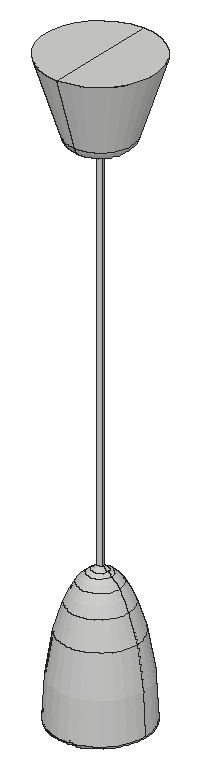
Revit family "Lighting_Pendants_Nordlux_Nexus_2.0_Small", category Lighting Fixtures, host Ceiling, Revit 2017
Family settings
  Host = Ceiling
  Round Connector Dimension = Use Diameter
  Part Type = Normal
  OmniClass Number = 23.80.70.11
  OmniClass Title = Luminaries for Internal Lighting
  Always vertical = Yes
  Cut with Voids When Loaded = No
  Light Source = Yes
  Shared = No
  Room Calculation Point = No
Parameters (values of type "Nexus 2.0 Pendant Small - white")
  Wattage = 1.34642 W
  WarrantyStartDate [instance] = "n/a"
  WarrantyGuarantorParts = "n/a"
  WarrantyGuarantorLabor = "n/a"
  WarrantyDurationUnit = "Hours"
  WarrantyDurationParts = "n/a"
  WarrantyDurationLabor = "n/a"
  WarrantyDescription = "n/a"
  built-in parameter 1150110 = 1 (stored number, unit not read)
  VersionDate = "01/07/2020"  # constant formula
  Version = "2"  # constant formula
  UsageCurrent = 0 A
  Uniclass2015Reference = "Pr_70_70_48_62"
  Uniclass2015Description = "Pendant  luminaires"
  Uniclass2 = "Pr_70_70_49_86"
  URL = "https://www.nordlux.com/products/product/2020563001"
  TotalWattage = 6 W
  built-in parameter 1114217 = 1 (stored number, unit not read)
  Tilt Angle = 90.00°
  built-in parameter 1150109 = 1 (stored number, unit not read)
  built-in parameter 1150134 = (empty or 0)
  TagNumber [instance] = "n/a"
  SustainabilityPerformance = "n/a"
  built-in parameter 1150113 = 1 (stored number, unit not read)
  Socket = "GU10"
  Size = "Shade: 100x100x150 mm / Canopy: 120x120x90 mm"
  Shape = "Sculptured"
  SerialNumber [instance] = "n/a"
  Revision = "1"  # constant formula
  ReplacementCost = "n/a"
  ProductInformation = "n/a"
  ProductDatasheet = "http://pim.skypim.com/show?objectid=327132811&template=ORG"
  Product data url = "https://www.bimobject.com/nordlux/product/nexus_10_gu10_pendant"
  Photometric Web File = "7725 Nexus 10 Pendel.ies"
  PhaseReference = "n/a"
  PhaseAngle = 0.00°
  NumberOfSources = 0
  NumberOfPoles = 1
  NominalWidth = NominalDiameter  # 120 mm
  NominalVoltageCalc = 0 V
  NominalVoltage = 230 V
  NominalRadius = NominalDiameter / 2  # 60 mm
  NominalLength = NominalDiameter  # 120 mm
  NominalHeight [instance] = CableLengthControl + 153 mm  # 653 mm
  NominalFrequencyRange = 50 Hz
  NominalDiameter = 120 mm
  NominalCurrent = 0 A
  Name = "Nordlux_Nexus_2.0_Small"  # constant formula
  NBSReference = "90-60-50/405"
  NBSDescription = "General purpose luminaires"
  ModelReference = ArticleNumber  # "2020563001"
  ModelNumber = "n/a"
  Model = "Nexus 2.0 Pendant Small - white"
  Material = "Metal, plastic & textile"
  ManufacturersSpecificInformation = "n/a"
  ManufacturerURL = "https://www.nordlux.com/"
  ManufacturerName = "Nordlux"
  Manufacturer = "Nordlux"
  MaintenanceFactor = 0
  Lumens = 200 lm
  built-in parameter 1150115 = 1 (stored number, unit not read)
  built-in parameter 1150105 = 303.49 (stored number, unit not read)
  LightSource = "Incl. 3W LED SMD"
  LightFixtureSecondaryMaterial = White cable
  LightFixturePlacingType = "Ceilling"
  LightFixtureMountingType = "Suspended"
  LightFixtureMainMaterial = White
  built-in parameter 1150137 = (empty or 0)
  built-in parameter 1150139 = (empty or 0)
  LensMaterial = Glass
  built-in parameter 1150112 = 1 (stored number, unit not read)
  built-in parameter 1150114 = 1 (stored number, unit not read)
  InsulationStandardClass = "Class 2 (Double isolated)"
  InstallationDate [instance] = "n/a"
  built-in parameter 1150132 = 2
  built-in parameter 1150102 = (empty or 0)
  built-in parameter 1150138 = (empty or 0)
  built-in parameter 1150107 = 2700 (stored number, unit not read)
  built-in parameter 1150106 = 3.0349 (stored number, unit not read)
  IfcExportType = "NOTDEFINED"  # constant formula
  IfcExportAs = "IfcLightFixtureType"  # constant formula
  IP_Code = "IP20"
  HasProtectiveEarth = no
  Grade = "n/a"
  Finish = "Satin soft, matt surface. Primary material metal, secondary material plastic, textile cable"
  Features = "Textile cable 250cm. Cable can not be replaced."
  ExpectedLife = "25000"
  EnergyClass = "A++ - A"
  Emit from Circle Diameter = 50 mm
  Emit Shape Visible in Rendering = no
  ElectricalDeviceNominalPower = 0
  built-in parameter 1150104 = 13.8 (stored number, unit not read)
  EANNumber = "5704924002328"
  DurationUnit = "Hours"
  Dimming Lamp Color Temperature Shift = <None>
  Dimmer = "Dimmable"
  Designer = "Bonnelycke MDD"
  Description = "NEXUS is an exciting series that epitomises Nordic cool. The details tell the story of an elegantly designed light, for example, the pendant’s invisible transition between shade and cord."
  DefaultElevation = 0 mm
  ConvergoRefNr = "0143-1909-0009-DK"
  Constituents = "n/a"
  ColourIndexRA = "80"
  Color Filter = 16777215
  Color = "White RAL7047"
  Collection = "Nexus 2.0"
  CodePerformance = "n/a"
  Category = "Indoor lighting"
  CableLengthControl [instance] = if(CableLength < 250 mm, 250 mm, if(CableLength > 2500 mm, 2500 mm, CableLength))  # 500 mm
  CableLength [instance] = 500 mm
  Brand = "Nordlux"
  Barcode [instance] = "n/a"
  built-in parameter 1114218 = 1 (stored number, unit not read)
  BIMObjectName = "Lighting_Pendants_Nordlux_Nexus_2.0_Small"  # constant formula
  Author = "Convergo AB"  # constant formula
  built-in parameter 1150133 = 10 (stored number, unit not read)
  AssetType = "Fixed"
  AssetIdentifier [instance] = "n/a"
  ArticleNumber = "2020563001"
  AccessibilityPerformance = "n/a"
Types (2, lengths in mm): name | URL | ModelReference | Model | LightFixtureSecondaryMaterial | LightFixtureMainMaterial | EANNumber | Color | ArticleNumber
  Nexus 2.0 Pendant Small - white | "https://www.nordlux.com/products/product/2020563001" | "2020563001" | "Nexus 2.0 Pendant Small - white" | White cable | White | "5704924002328" | "White RAL7047" | "2020563001"
  Nexus 2.0 Pendant Small - black | "https://www.nordlux.com/products/product/2020563003" | "2020563003" | "Nexus 2.0 Pendant Small - black" | Black cable | Black | "5704924002335" | "Black RAL9005" | "2020563003"
Reference planes
  plane 1 "Light Source Axis (F/B)": y = 0
  plane 2: z = 0
  plane 3 "Light Source Axis (L/R)": x = 0
  plane 4 "Ceiling": z = 4000
  plane 5 "Light Source Elevation": z = 3357
  plane 6: x = -60
  plane 7: y = 60
  plane 8: x = 60
  plane 9: y = -60
  plane 10: z = 3500
  plane 11: z = 3347
Forms (mm)
  Extrusion 1, solid, material "White" <- "LightFixtureMainMaterial", detail levels coarse
    sketch origin (0, 6000, 3224.2) x (0, 1, 0) y (1, 0, 0)
      loop
        line (-5940, -60) -> (-5940, 60) -> (-6060, 60) -> (-6060, -60) -> (-5940, -60)
    from -122.8 to -775.8
Lines and regions (mm)
  symbolic lines
    curve 1: line (3.5, 0, 4000) -> (-3, 0, 4000)
  symbolic lines, detail levels medium+fine
    curve 2: line (3, 0, 3910.425) -> (3, 0, 3500.017)
    curve 3: line (0, 3, 3910.425) -> (0, 3, 3500)
    curve 4: line (-3, 0, 3910.425) -> (-3, 0, 3500.017)
    curve 5: line (0, -3, 3910.425) -> (0, -3, 3500)
Dimensions and locks
  equal spacing: host sketch curve, plane 3 "Light Source Axis (L/R)", host sketch curve
  equal spacing: host sketch curve, plane 1 "Light Source Axis (F/B)", host sketch curve
  host sketch curve to host sketch curve = 4000 mm  (x2)
  locked: plane 4 "Ceiling" to host ceiling at 0
  equal spacing: plane 9, plane 1 "Light Source Axis (F/B)", plane 7
  "NominalDiameter": plane 7 to plane 9
  equal spacing: plane 6, plane 3 "Light Source Axis (L/R)", plane 8
  "NominalDiameter": plane 6 to plane 8
  "CableLengthControl": plane 10 to plane 4 "Ceiling"
  "NominalHeight": plane 11 to plane 4 "Ceiling"
  locked: plane 11 to plane 5 "Light Source Elevation" at 10
  aligned and locked: plane 3 "Light Source Axis (L/R)" to imposter light
  aligned and locked: plane 1 "Light Source Axis (F/B)" to imposter light
  aligned and locked: plane 5 "Light Source Elevation" to imposter light
  aligned and locked: plane 4 "Ceiling" to curve 1
  aligned and locked: plane 7 to Extrusion 1 sketch curve
  aligned and locked: plane 6 to Extrusion 1 sketch curve
  aligned and locked: plane 9 to Extrusion 1 sketch curve
  aligned and locked: plane 8 to Extrusion 1 sketch curve
  aligned and locked: Extrusion 1 to plane 4 "Ceiling"
  aligned and locked: plane 11 to Extrusion 1
  aligned and locked: nested 2 to plane 4 "Ceiling"
  aligned and locked: curve 3 to nested 2
  aligned and locked: curve 5 to nested 2
  aligned and locked: nested 2 to curve 2
  aligned and locked: nested 2 to curve 4
  aligned and locked: plane 11 to nested 1
  aligned and locked: curve 2 to nested 1
  aligned and locked: nested 1 to curve 4
  aligned and locked: plane 10 to curve 3
  aligned and locked: plane 10 to curve 5
Automatic sketch dimensions
  plane 1 "Light Source Axis (F/B)" to curve 5 = 3 mm
  curve 3 to plane 1 "Light Source Axis (F/B)" = 3 mm
  curve 4 to plane 3 "Light Source Axis (L/R)" = 3 mm
  curve 1 to plane 3 "Light Source Axis (L/R)" = 3 mm
  plane 3 "Light Source Axis (L/R)" to curve 2 = 3 mm
  plane 3 "Light Source Axis (L/R)" to curve 1 = 3.5 mm
Nested families
  nested 1: "Nexus_10" at (0, 0, 3347), Metal <- "LightFixtureMainMaterial", Glass <- "LensMaterial", type "Nexus_10"
    with Metal White, Glass Glass
  nested 2: "Nexus_Cable" at (0, 0, 4000) x (1, 0, 0) z (0, 0, -1), Cable <- "LightFixtureSecondaryMaterial", Metal <- "LightFixtureMainMaterial", CableLength <- "CableLengthControl", type "Nexus_Cable"
    with Metal White, CableLength 500 mm, Cable White cable
Connectors
  electrical at (0, 0, 4000), driven by "NumberOfPoles", driven by "NominalVoltage"
    settings: on nested 2, index 1, voltage 230 V, apparent load 0 VA, apparent load phase1 0 VA, apparent load phase2 0 VA, apparent load phase3 0 VA, power factor 1, load classification "Other", number of poles 1, system type 31, power factor state 1, is connector primary yes, connector utility no, sub classification motor no, connector description ""
Definition of nested family "Nexus_10"
  Parameters (values of type "Nexus_10")
    Metal [instance] = none
    Glass [instance] = none
  Reference planes
    plane 1 "Center (Front/Back)": y = 0
    plane 2: z = 0
    plane 3 "Center (Left/Right)": x = 0
  Forms (mm)
    Revolve 1, solid, material <- "Metal", detail levels medium+fine
      sketch origin (0, 0, 0) x (1, 0, 0) y (0, 0, 1)
        loop
          arc (-50.023, 1.505) -> (-47.259, 0.654) -> (-49.031, 2.94) r 1.517
          arc (-49.031, 2.94) -> (-46.731, 45.889) -> (-39.528, 88.292) r 374.905
          arc (-39.528, 88.292) -> (-36.536, 99.677) -> (-32.838, 110.853) r 188.136
          line (-32.838, 110.853) -> (0, 110.853) -> (0, 111.853) -> (-32.469, 111.853)
          arc (-32.469, 111.853) -> (-31.647, 114.018) -> (-30.799, 116.173) r 188.136
          arc (-30.799, 116.173) -> (-26.224, 126.009) -> (-20.61, 135.292) r 100.011
          arc (-20.61, 135.292) -> (-16.716, 140.172) -> (-12.135, 144.414) r 41.521
          arc (-12.135, 144.414) -> (-9.968, 145.935) -> (-7.637, 147.189) r 22.299
          arc (-7.637, 147.189) -> (-4.697, 149.186) -> (-2.549, 152.017) r 10.98
          line (-2.549, 152.017) -> (0, 152.017) -> (0, 153.017) -> (-3.171, 153.017)
          arc (-3.171, 153.017) -> (-5.173, 150.118) -> (-8.058, 148.096) r 9.98
          arc (-8.058, 148.096) -> (-10.494, 146.786) -> (-12.757, 145.197) r 23.299
          arc (-12.757, 145.197) -> (-17.449, 140.853) -> (-21.436, 135.855) r 42.521
          arc (-21.436, 135.855) -> (-27.106, 126.479) -> (-31.727, 116.544) r 101.011
          arc (-31.727, 116.544) -> (-36.66, 102.701) -> (-40.502, 88.516) r 189.136
          arc (-40.502, 88.516) -> (-47.804, 45.288) -> (-50.023, 1.505) r 375.905
        axis (0, 153.017) -> (0, 1.505)
      angle from 0 to 360
    Revolve 2, solid, material <- "Glass", detail levels medium+fine
      sketch origin (0, 0, 0) x (1, 0, 0) y (0, 0, 1)
        loop
          line (-24.486, 53.859) -> (0, 53.859) -> (0, 100.856) -> (-10.434, 100.856) -> (-10.434, 75.09)
          arc (-10.434, 75.09) -> (-18.584, 66.865) -> (-22.992, 56.159) r 29.858
          line (-22.992, 56.159) -> (-24.486, 56.159)
          arc (-24.486, 56.159) -> (-24.84, 56.012) -> (-24.986, 55.659) r 0.5
          line (-24.986, 55.659) -> (-24.986, 54.359)
          arc (-24.986, 54.359) -> (-24.84, 54.005) -> (-24.486, 53.859) r 0.5
        axis (0, 100.856) -> (0, 53.859)
      angle from 0 to 360
    Revolve 3, solid, material <- "Metal", detail levels medium+fine
      sketch origin (0, 0, 0) x (1, 0, 0) y (0, 0, 1)
        loop
          line (-13.429, 94.856) -> (0, 94.856) -> (0, 110.853) -> (-13.429, 110.853)
          arc (-13.429, 110.853) -> (-13.783, 110.706) -> (-13.929, 110.353) r 0.5
          line (-13.929, 110.353) -> (-13.929, 95.356)
          arc (-13.929, 95.356) -> (-13.783, 95.002) -> (-13.429, 94.856) r 0.5
        axis (0, 110.853) -> (0, 94.856)
      angle from 0 to 360
  Lines and regions (mm)
    symbolic lines, detail levels medium+fine
      curve 1: line (-48.506, 0, 0) -> (0, 0, 0)
      curve 2: arc (-50.023, 0, 1.505) -> (-47.804, 0, 45.288) -> (-40.502, 0, 88.516) r 375.905
      curve 3: arc (-40.502, 0, 88.516) -> (-36.66, 0, 102.701) -> (-31.727, 0, 116.544) r 189.136
      curve 4: arc (-31.727, 0, 116.544) -> (-27.106, 0, 126.479) -> (-21.436, 0, 135.855) r 101.011
      curve 5: arc (-21.436, 0, 135.855) -> (-17.449, 0, 140.853) -> (-12.757, 0, 145.197) r 42.521
      curve 6: arc (-12.757, 0, 145.197) -> (-10.494, 0, 146.786) -> (-8.058, 0, 148.096) r 23.299
      curve 7: arc (-8.058, 0, 148.096) -> (-5.173, 0, 150.118) -> (-3.171, 0, 153.017) r 9.98
      curve 8: line (-3.171, 0, 153.017) -> (-3, 0, 153.017)
      curve 9: arc (-48.506, 0, 0) -> (-49.574, 0, 0.44) -> (-50.023, 0, 1.505) r 1.517
      curve 10: line (48.506, 0, 0) -> (0, 0, 0)
      curve 11: arc (50.023, 0, 1.505) -> (47.804, 0, 45.288) -> (40.502, 0, 88.516) r 375.905
      curve 12: arc (40.502, 0, 88.516) -> (36.66, 0, 102.701) -> (31.727, 0, 116.544) r 189.136
      curve 13: arc (31.727, 0, 116.544) -> (27.106, 0, 126.479) -> (21.436, 0, 135.855) r 101.011
      curve 14: arc (21.436, 0, 135.855) -> (17.449, 0, 140.853) -> (12.757, 0, 145.197) r 42.521
      curve 15: arc (12.757, 0, 145.197) -> (10.494, 0, 146.786) -> (8.058, 0, 148.096) r 23.299
      curve 16: arc (8.058, 0, 148.096) -> (5.173, 0, 150.118) -> (3.171, 0, 153.017) r 9.98
      curve 17: arc (48.506, 0, 0) -> (49.574, 0, 0.44) -> (50.023, 0, 1.505) r 1.517
      curve 18: line (3.171, 0, 153.017) -> (3, 0, 153.017)
      curve 20: arc (0, 8.058, 148.096) -> (0, 5.173, 150.118) -> (0, 3.171, 153.017) r 9.98
      curve 21: line (0, 3, 153.017) -> (0, 3.171, 153.017)
      curve 22: arc (0, 12.757, 145.197) -> (0, 10.494, 146.786) -> (0, 8.058, 148.096) r 23.299
      curve 23: arc (0, 21.436, 135.855) -> (0, 17.449, 140.853) -> (0, 12.757, 145.197) r 42.521
      curve 24: arc (0, 31.727, 116.544) -> (0, 27.106, 126.479) -> (0, 21.436, 135.855) r 101.011
      curve 25: arc (0, 40.502, 88.516) -> (0, 36.66, 102.701) -> (0, 31.727, 116.544) r 189.136
      curve 26: arc (0, 50.023, 1.505) -> (0, 47.804, 45.288) -> (0, 40.502, 88.516) r 375.905
      curve 27: arc (0, 48.506, 0) -> (0, 49.574, 0.44) -> (0, 50.023, 1.505) r 1.517
      curve 28: line (0, 48.506, 0) -> (0, 0, 0)
      curve 29: arc (0, -8.058, 148.096) -> (0, -5.173, 150.118) -> (0, -3.171, 153.017) r 9.98
      curve 30: line (0, -3, 153.017) -> (0, -3.171, 153.017)
      curve 31: arc (0, -12.757, 145.197) -> (0, -10.494, 146.786) -> (0, -8.058, 148.096) r 23.299
      curve 32: arc (0, -21.436, 135.855) -> (0, -17.449, 140.853) -> (0, -12.757, 145.197) r 42.521
      curve 33: arc (0, -31.727, 116.544) -> (0, -27.106, 126.479) -> (0, -21.436, 135.855) r 101.011
      curve 34: arc (0, -40.502, 88.516) -> (0, -36.66, 102.701) -> (0, -31.727, 116.544) r 189.136
      curve 35: arc (0, -50.023, 1.505) -> (0, -47.804, 45.288) -> (0, -40.502, 88.516) r 375.905
      curve 36: arc (0, -48.506, 0) -> (0, -49.574, 0.44) -> (0, -50.023, 1.505) r 1.517
      curve 37: line (0, -48.506, 0) -> (0, 0, 0)
    symbolic lines, detail levels fine
      curve 19: line (3, 0, 153.017) -> (-3, 0, 153.017)
      curve 38: line (0, 3, 153.017) -> (0, 0, 153.017)
      curve 39: line (0, -3, 153.017) -> (0, 0, 153.017)
      curve 40: circle (0, 0, 0) r 50.023 normal (0, 0, 1)
      curve 41: circle (0, 0, 0) r 46.99 normal (0, 0, 1)
  Dimensions and locks
    aligned and locked: level to plane 2
Definition of nested family "Nexus_Cable"
  Parameters (values of type "Nexus_Cable")
    Metal [instance] = none
    Default Elevation = 1219.2 mm
    CableLength [instance] = 250 mm
    Cable [instance] = none
  Reference planes
    plane 1 "Center (Front/Back)": y = 0
    plane 2: z = 0
    plane 3 "Center (Left/Right)": x = 0
  Forms (mm)
    Revolve 1, solid, material <- "Metal", detail levels medium+fine
      sketch origin (0, 0, 0) x (0, 1, 0) y (0, 0, 1)
        loop
          line (0, 0) -> (58.911, 0) -> (34.34, 77.917)
          arc (34.34, 77.917) -> (16.456, 89.138) -> (2.514, 73.283) r 16.291
          line (2.514, 73.283) -> (0, 73.283) -> (0, 0)
        axis (0, 77.917) -> (0, 0)
      angle from 0 to 360
    Extrusion 2, solid, material <- "Cable", detail levels medium+fine
      sketch origin (0, 0, 0) x (1, 0, 0) y (0, 1, 0)
        loop
          circle (0, 0) r 3
      from 10 to 250 <- "CableLength"
  Lines and regions (mm)
    symbolic lines, detail levels medium+fine
      curve 1: line (0, 58.306, 1.92) -> (0, 34.34, 77.917)
      curve 2: arc (0, 34.34, 77.917) -> (0, 28.488, 86.338) -> (0, 18.757, 89.575) r 16.243
      curve 3: line (0, 0, 0) -> (0, 56.898, 0)
      curve 4: arc (0, 56.898, 0) -> (0, 58.089, 0.603) -> (0, 58.306, 1.92) r 1.476
      curve 5: line (0, 3, 89.575) -> (0, 18.757, 89.575)
      curve 7: line (0, -58.306, 1.92) -> (0, -34.34, 77.917)
      curve 8: arc (0, -34.34, 77.917) -> (0, -28.488, 86.338) -> (0, -18.757, 89.575) r 16.243
      curve 9: line (0, 0, 0) -> (0, -56.898, 0)
      curve 10: arc (0, -56.898, 0) -> (0, -58.089, 0.603) -> (0, -58.306, 1.92) r 1.476
      curve 11: line (0, -3, 89.575) -> (0, -18.757, 89.575)
      curve 13: line (0, 0, 0) -> (-56.898, 0, 0)
      curve 14: arc (-58.306, 0, 1.92) -> (-58.089, 0, 0.603) -> (-56.898, 0, 0) r 1.476
      curve 15: line (-34.34, 0, 77.917) -> (-58.306, 0, 1.92)
      curve 16: arc (-18.757, 0, 89.575) -> (-28.488, 0, 86.338) -> (-34.34, 0, 77.917) r 16.243
      curve 17: line (-3, 0, 89.575) -> (-18.757, 0, 89.575)
      curve 19: line (0, 0, 0) -> (56.898, 0, 0)
      curve 20: arc (58.306, 0, 1.92) -> (58.089, 0, 0.603) -> (56.898, 0, 0) r 1.476
      curve 21: line (34.34, 0, 77.917) -> (58.306, 0, 1.92)
      curve 22: arc (18.757, 0, 89.575) -> (28.488, 0, 86.338) -> (34.34, 0, 77.917) r 16.243
      curve 23: line (3, 0, 89.575) -> (18.757, 0, 89.575)
      curve 25: circle (0, 0, 0) r 60 normal (0, 0, 1)
    symbolic lines, detail levels fine
      curve 6: line (0, 0, 89.575) -> (0, 3, 89.575)
      curve 12: line (0, 0, 89.575) -> (0, -3, 89.575)
      curve 18: line (0, 0, 89.575) -> (-3, 0, 89.575)
      curve 24: line (0, 0, 89.575) -> (3, 0, 89.575)
  Dimensions and locks
    aligned and locked: level to plane 2
